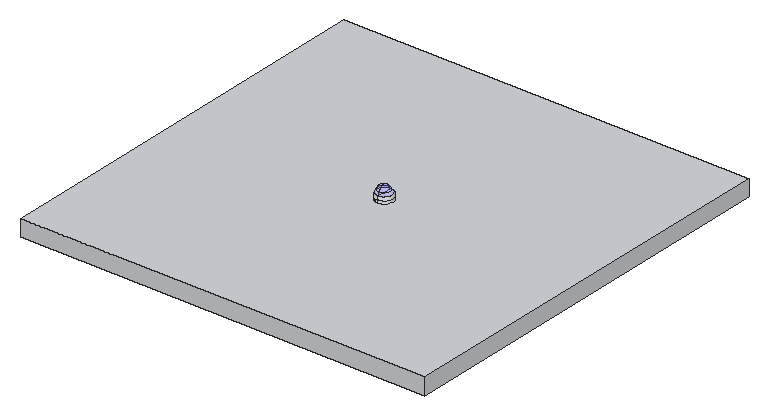
Revit family "BEG-92158", category Dispositifs d'éclairage, Revit 2015
Parameters
  Detection zone [instance] = yes
  Seat area [instance] = height position < 351 cm  # yes
  URL = "http://www.luxomat.com/en-92158"
  Type of output = "SWITCH"
  Ambiant temperature = "-25°C to +50°C"
  Ref = "92158"
  Relay = "10A"
  height position [instance] = 250 cm
  direct Range [instance] = height position * 3.2  # 800 cm
  transversal Range [instance] = height position * 9.6  # 2400 cm
  Modèle = "PD4-M-2C-Duo/SM"
  Installation type = "Ceiling"
  Brand = "LUXOMAT"
  Image du type = 92158.jpg
  IP = "54"
  Mounting height max = Installation height max  # 350 cm
  Installation height max = 350 cm
  Fabricant = "B.E.G"
  Label [instance] = yes
  Default Elevation = 0 cm
  Consumption = "0,41W"
  Commentaires du type = "Occupancy detector PD4-M-2C-Duo/SM"
  Code d'assemblage = "D5010200"
  Class = "2"
  Switching power LED = "300W"
  Switching power Cos ɸ =1 = "2300W"
  Switching power Cos ɸ =0.5 = "1150VA"
  Power voltage = "110-240 V AC"
  seated activity [instance] = height position * 2.56  # 640 cm
Reference planes (cm)
  plane 1 "Centre (avant/arrière)": y = 0
  plane 2: z = 0
  plane 3 "Centre (gauche/droite)": x = 0
Forms (cm)
  Extrusion 1, solid
    sketch origin (0, 0, 0) x (1, 0, 0) y (0, 1, 0)
      loop
        line (-121.92, 121.92) -> (-121.92, -121.92) -> (121.92, -121.92) -> (121.92, 121.92) -> (-121.92, 121.92)
    from 0 to -10
Dimensions and locks (cm)
  aligned and locked: plane 2 to Extrusion 1
  aligned and locked: level to Extrusion 1
  aligned and locked: nested 2 to plane 2
Nested families (cm)
  nested 1: "Famille1" at (0, -72.6659, 0) x (-1, 0, 0) z (0, 0, 1), reference <- "Ref", modele <- "Modèle", visible <- "Label", type "Famille1"
    with reference "92158", modele "PD4-M-2C-Duo/SM"
  nested 2: "M11" at (0, 0, 0), type "Standard"
  nested 3: "zone H" at (0, 0, 0) x (-1, 0, 0) z (0, 0, 1), visible <- "Detection zone", biais <- "transversal Range", frontal <- "direct Range", activité assise <- "seated activity", Zone assise <- "Seat area", type "zone H"
    with position 2 320 cm, position 1 960 cm, frontal 800 cm, biais 2400 cm, activité assise 640 cm, Zone assise yes
  nested 4: "Plafond 360° 2D" at (0, 0, 0), type "Plafond 360° 2D"
Connectors (cm)
  electrical at (0, 0, 0)
    settings: on nested 2, index 1, voltage 240 V, apparent load 0 VA, apparent load phase1 0 VA, apparent load phase2 0 VA, apparent load phase3 0 VA, power factor 1, load classification "Eclairage", number of poles 1, system type 31, power factor state 1, is connector primary yes, connector utility no, sub classification motor no, connector description ""
Definition of nested family "M11"
  Reference planes (cm)
    plane 1 "Centre (avant/arrière)": y = 0
    plane 2: z = 0
    plane 3 "Centre (gauche/droite)": x = 0
    plane 4: x = 0
  Forms (cm)
    Revolve 1, solid
      sketch origin (0, 0, 0) x (0, -1, 0) y (0, 0, 1)
        loop
          line (0, 0) -> (0, 3.3) -> (-4.725, 3.3) -> (-4.9, 1.3) -> (-5.05, 1.3) -> (-5.05, 0) -> (0, 0)
        axis (0, 0) -> (0, 3.3)
      angle from 0 to 360
    Revolve 2, solid
      sketch origin (0, 0, 0) x (0, -1, 0) y (0, 0, 1)
        loop
          line (-4.725, 3.3) -> (0, 3.3) -> (0, 7.6)
          arc (0, 7.6) -> (-2.3004, 6.854) -> (-3.7252, 4.9) r 3.9199
          line (-3.7252, 4.9) -> (-4.725, 3.3)
        axis (0, 3.3) -> (0, 7.6)
      angle from 0 to 360
  Lines and regions (cm)
    reference lines
      curve 1: line (0, 0, 0) -> (0, 5.05, 0)
      curve 2: line (0, 5.05, 0) -> (0, 5.05, 1.3)
      curve 3: line (0, 5.05, 1.3) -> (0, 4.9, 1.3)
      curve 4: line (0, 4.9, 1.3) -> (0, 4.725, 3.3)
      curve 5: line (0, 4.725, 3.3) -> (0, 0, 3.3)
      curve 6: line (0, 0, 3.3) -> (0, 0, 0)
      curve 7: line (0, 0, 0) -> (0, 0, 7.6)
      curve 8: line (0, 4.725, 3.3) -> (0, 0, 3.3)
      curve 9: line (0, 0, 7.6) -> (0, 0, 3.3)
      curve 10: arc (0, 0, 7.6) -> (0, 2.3004, 6.854) -> (0, 3.7252, 4.9) r 3.9199
      curve 11: line (0, 4.725, 3.3) -> (0, 3.7252, 4.9)
      curve 12: line (0, 0, 0) -> (0, 0, 7.6)
  Dimensions and locks (cm)
    aligned and locked: level to plane 2
    aligned and locked: Revolve 1 sketch curve to curve 1
    aligned and locked: Revolve 1 sketch curve to curve 2
    aligned and locked: Revolve 1 sketch curve to curve 3
    aligned and locked: Revolve 1 sketch curve to curve 4
    aligned and locked: Revolve 1 sketch curve to curve 5
    aligned and locked: Revolve 1 sketch curve to curve 6
    aligned and locked: Revolve 1 sketch curve to curve 7
    aligned and locked: Revolve 2 sketch curve to curve 8
    aligned and locked: Revolve 2 sketch curve to curve 9
    aligned and locked: Revolve 2 sketch curve to curve 10
    aligned and locked: Revolve 2 sketch curve to curve 11
    aligned and locked: Revolve 2 sketch curve to curve 12
Definition of nested family "Famille1"
  Parameters (values of type "Famille1")
    reference [instance] = ""
    modele [instance] = ""
  Reference planes (cm)
    plane 1: y = 0
    plane 2: x = 0
  Text (cm)
    label "reference\n\nmodele" at (0.0074, 0.0451, 0), shows "reference", "modele"
Definition of nested family "zone H"
  Parameters (values of type "zone H")
    position 2 [instance] = (frontal / 2) * 0.8  # 320 cm
    position 1 [instance] = (biais / 2) * 0.8  # 960 cm
    frontal [instance] = 800 cm
    biais [instance] = 2400 cm
    activité assise [instance] = 640 cm
    Zone assise [instance] = yes
  Reference planes (cm)
    plane 1 "Centre (avant/arrière)": y = 0
    plane 2: z = 0
    plane 3 "Centre (gauche/droite)": x = 0
    plane 4: x = -960
    plane 5: y = -320
  Lines and regions (cm)
    detail lines, in view "Niveau de réf.", visible <- "Zone assise"
      curve 1: circle (0, 0, 0) r 320 normal (0, 0, 1)
      curve 4: spline (-105.2767, 3.2118, 0) -> (-104.9106, 3.0586, 0) -> (-103.8375, 2.9158, 0) -> (-102.1303, 2.7932, 0) -> (-99.9055, 2.6991, 0) -> (-97.3146, 2.6399, 0) -> (-94.5343, 2.6198, 0) -> (-91.7539, 2.6399, 0) -> (-89.163, 2.6991, 0) -> (-86.9382, 2.7932, 0) -> (-85.231, 2.9158, 0) -> (-84.1579, 3.0586, 0) -> (-83.7918, 3.2118, 0) -> (-84.1579, 3.365, 0) -> (-85.231, 3.5078, 0) -> (-86.9382, 3.6305, 0) -> (-89.163, 3.7245, 0) -> (-91.7539, 3.7837, 0) -> (-94.5343, 3.8039, 0) -> (-97.3146, 3.7837, 0) -> (-99.9055, 3.7245, 0) -> (-102.1303, 3.6305, 0) -> (-103.8375, 3.5078, 0) -> (-104.9106, 3.365, 0) -> (-105.2767, 3.2118, 0)
      curve 5: line (-105.2767, 3.2118, 0) -> (-103.7271, 3.5181, 0)
      curve 6: arc (-102.6495, -16.5888, 0) -> (-107.2915, -17.186, 0) -> (-111.6311, -18.9388, 0) r 18.3388
      curve 7: arc (-111.6311, -18.9388, 0) -> (-111.6982, -19.0046, 0) -> (-111.7229, -19.0953, 0) r 0.1799
      curve 8: arc (-102.4571, -17.1805, 0) -> (-106.7473, -17.5804, 0) -> (-110.8538, -18.8852, 0) r 20.1051
      curve 9: arc (-110.8538, -18.8852, 0) -> (-111.0396, -18.979, 0) -> (-111.2122, -19.0953, 0) r 1.6679
      curve 10: circle (-111.4676, -19.8292, 0) r 0.5096 normal (0, 0, 1)
      curve 11: arc (-110.898, -19.8292, 0) -> (-111.4676, -19.2597, 0) -> (-112.0372, -19.8292, 0) r 0.5696
      curve 12: arc (-110.838, -19.8292, 0) -> (-111.4676, -19.1997, 0) -> (-112.0972, -19.8292, 0) r 0.6296
      curve 13: arc (-86.4191, -16.5888, 0) -> (-81.7771, -17.186, 0) -> (-77.4374, -18.9388, 0) r 18.3388
      curve 14: arc (-77.4374, -18.9388, 0) -> (-77.3704, -19.0046, 0) -> (-77.3456, -19.0953, 0) r 0.1799
      curve 15: arc (-86.6114, -17.1805, 0) -> (-82.3212, -17.5804, 0) -> (-78.2147, -18.8852, 0) r 20.1051
      curve 16: arc (-78.2147, -18.8852, 0) -> (-78.0289, -18.979, 0) -> (-77.8563, -19.0953, 0) r 1.6679
      curve 17: circle (-77.6009, -19.8292, 0) r 0.5096 normal (0, 0, 1)
      curve 18: arc (-77.0314, -19.8292, 0) -> (-77.6009, -19.2597, 0) -> (-78.1705, -19.8292, 0) r 0.5696
      curve 19: arc (-76.9714, -19.8292, 0) -> (-77.6009, -19.1997, 0) -> (-78.2305, -19.8292, 0) r 0.6296
      curve 20: arc (-95.2593, -16.5888, 0) -> (-98.9871, -17.441, 0) -> (-102.5056, -18.9388, 0) r 21.5424
      curve 21: arc (-102.5056, -18.9388, 0) -> (-102.5726, -19.0046, 0) -> (-102.5974, -19.0953, 0) r 0.1799
      curve 22: arc (-95.2593, -17.1805, 0) -> (-98.5536, -17.8061, 0) -> (-101.7283, -18.8852, 0) r 23.9713
      curve 23: arc (-101.7283, -18.8852, 0) -> (-101.911, -18.9772, 0) -> (-102.081, -19.0909, 0) r 1.6679
      curve 24: arc (-95.0229, -17.1805, 0) -> (-98.2689, -17.8294, 0) -> (-101.4063, -18.8852, 0) r 26.0219
      curve 25: arc (-101.4063, -18.8852, 0) -> (-101.592, -18.979, 0) -> (-101.7647, -19.0953, 0) r 1.6679
      curve 26: circle (-102.181, -19.8292, 0) r 0.5096 normal (0, 0, 1)
      curve 27: arc (-101.6114, -19.8292, 0) -> (-102.181, -19.2597, 0) -> (-102.7506, -19.8292, 0) r 0.5696
      curve 28: arc (-101.5514, -19.8292, 0) -> (-102.181, -19.1997, 0) -> (-102.8106, -19.8292, 0) r 0.6296
      curve 29: arc (-93.8092, -16.5888, 0) -> (-90.0814, -17.441, 0) -> (-86.5629, -18.9388, 0) r 21.5424
      curve 30: arc (-86.5629, -18.9388, 0) -> (-86.4959, -19.0046, 0) -> (-86.4711, -19.0953, 0) r 0.1799
      curve 31: arc (-93.8092, -17.1805, 0) -> (-90.5149, -17.8061, 0) -> (-87.3402, -18.8852, 0) r 23.9713
      curve 32: arc (-87.3402, -18.8852, 0) -> (-87.1544, -18.979, 0) -> (-86.9818, -19.0953, 0) r 1.6679
      curve 33: arc (-94.0457, -17.1805, 0) -> (-90.7996, -17.8294, 0) -> (-87.6622, -18.8852, 0) r 26.0219
      curve 34: arc (-87.6622, -18.8852, 0) -> (-87.4765, -18.979, 0) -> (-87.3039, -19.0953, 0) r 1.6679
      curve 35: circle (-86.8875, -19.8292, 0) r 0.5096 normal (0, 0, 1)
      curve 36: arc (-86.3179, -19.8292, 0) -> (-86.8875, -19.2597, 0) -> (-87.4571, -19.8292, 0) r 0.5696
      curve 37: arc (-86.2579, -19.8292, 0) -> (-86.8875, -19.1997, 0) -> (-87.5171, -19.8292, 0) r 0.6296
      curve 38: arc (-103.0079, 8.8705, 0) -> (-101.8776, 5.8173, 0) -> (-98.8653, 4.5819, 0) r 4.0512
      curve 39: arc (-83.7186, 4.2269, 0) -> (-82.9538, 3.7817, 0) -> (-82.7946, 2.9112, 0) r 1.0582
      curve 40: arc (-82.7946, 2.9112, 0) -> (-84.0889, -6.227, 0) -> (-84.0703, -15.4564, 0) r 64.7189
      curve 41: arc (-84.0703, -15.4564, 0) -> (-83.933, -16.0031, 0) -> (-83.4527, -16.2981, 0) r 0.7467
      curve 42: arc (-83.4527, -16.2981, 0) -> (-80.3714, -16.8717, 0) -> (-77.238, -16.9405, 0) r 19.3577
      curve 43: arc (-77.238, -16.9405, 0) -> (-77.6363, -16.4391, 0) -> (-78.2461, -16.244, 0) r 1.1013
      curve 44: arc (-78.2461, -16.244, 0) -> (-80.4274, -15.8096, 0) -> (-82.5587, -15.1742, 0) r 23.8747
      curve 45: arc (-82.5587, -15.1742, 0) -> (-81.6045, -6.5488, 0) -> (-80.848, 2.0961, 0) r 379.1961
      curve 46: arc (-80.848, 2.0961, 0) -> (-81.0708, 4.8418, 0) -> (-83.0581, 6.7494, 0) r 3.8846
      curve 47: arc (-83.0581, 6.7494, 0) -> (-89.2141, 8.8147, 0) -> (-95.6542, 9.6431, 0) r 33.2193
      curve 48: arc (-95.6542, 9.6431, 0) -> (-94.8516, 17.305, 0) -> (-94.8609, 25.0089, 0) r 72.9952
      curve 49: arc (-95.1116, 28.28, 0) -> (-95.2196, 29.2958, 0) -> (-95.3418, 30.31, 0) r 72.9952
      curve 50: arc (-98.1747, 30.0752, 0) -> (-100.3426, 29.2913, 0) -> (-99.4886, 27.1501, 0) r 1.6042
      curve 51: arc (-95.3418, 30.31, 0) -> (-98.7298, 32.2574, 0) -> (-102.1179, 30.31, 0) r 3.9209
      curve 52: arc (-68.8418, 20.3177, 0) -> (-68.8537, 20.2265, 0) -> (-68.9411, 20.2549, 0) r 0.0597
      curve 53: arc (-70.9776, 20.5408, 0) -> (-70.9496, 20.3832, 0) -> (-71.1082, 20.3621, 0) r 0.1108
      curve 54: spline (-98.8908, 41.6409, 0) -> (-97.9793, 41.5103, 0) -> (-97.1229, 41.0855, 0) -> (-96.38, 40.3954, 0) -> (-95.8012, 39.4871, 0) -> (-95.426, 38.4224, 0) -> (-95.2799, 37.274, 0) -> (-95.3728, 36.12, 0) -> (-95.6985, 35.0392, 0) -> (-96.2348, 34.1051, 0) -> (-96.945, 33.3815, 0) -> (-97.7809, 32.9176, 0) -> (-98.6854, 32.7451, 0) -> (-99.5969, 32.8757, 0) -> (-100.4532, 33.3005, 0) -> (-101.1961, 33.9906, 0) -> (-101.7749, 34.8989, 0) -> (-102.1502, 35.9636, 0) -> (-102.2963, 37.112, 0) -> (-102.2033, 38.266, 0) -> (-101.8776, 39.3468, 0) -> (-101.3414, 40.2809, 0) -> (-100.6311, 41.0045, 0) -> (-99.7953, 41.4684, 0) -> (-98.8908, 41.6409, 0)
      curve 55: line (-74.1608, -20.3388, 0) -> (-33.3759, -20.3388, 0)
      curve 56: line (-33.3759, -20.3388, 0) -> (-33.3759, 18.6681, 0)
      curve 57: line (-33.3759, 18.6681, 0) -> (-74.1608, 18.6681, 0)
      curve 58: line (-74.1608, 18.6681, 0) -> (-74.1608, -20.3388, 0)
      curve 59: line (-74.1608, -20.3388, 0) -> (-120.7181, -20.3388, 0)
      curve 60: line (-80.1025, 18.6681, 0) -> (-27.4342, 18.6681, 0)
      curve 61: line (-27.4342, 18.6681, 0) -> (-27.4342, 20.1345, 0)
      curve 62: line (-27.4342, 20.1345, 0) -> (-80.1025, 20.1345, 0)
      curve 63: line (-80.1025, 20.1345, 0) -> (-80.1025, 18.6681, 0)
      curve 64: line (-95.5223, 2.6198, 0) -> (-93.5462, 2.6198, 0)
      curve 65: line (-93.5462, 2.6198, 0) -> (-93.5462, -16.5888, 0)
      curve 66: line (-93.5462, -16.5888, 0) -> (-95.5223, -16.5888, 0)
      curve 67: line (-95.5223, -16.5888, 0) -> (-95.5223, 2.6198, 0)
      curve 68: line (-95.5223, -16.5888, 0) -> (-102.6495, -16.5888, 0)
      curve 69: line (-111.7229, -19.0953, 0) -> (-111.2122, -19.0953, 0)
      curve 70: line (-93.8092, -16.5888, 0) -> (-94.0457, -17.1805, 0)
      curve 71: line (-94.0457, -17.1805, 0) -> (-93.8092, -17.1805, 0)
      curve 72: line (-93.8092, -17.1805, 0) -> (-94.5343, -17.1805, 0)
      curve 73: line (-94.5343, -17.1805, 0) -> (-95.2593, -17.1805, 0)
      curve 74: line (-95.2593, -17.1805, 0) -> (-95.0229, -17.1805, 0)
      curve 75: line (-95.0229, -17.1805, 0) -> (-95.2593, -16.5888, 0)
      curve 76: line (-98.1226, -17.1805, 0) -> (-102.4571, -17.1805, 0)
      curve 77: line (-112.0372, -19.8292, 0) -> (-112.0972, -19.8292, 0)
      curve 78: line (-110.898, -19.8292, 0) -> (-110.838, -19.8292, 0)
      curve 79: line (-111.3676, -19.2076, 0) -> (-111.3676, -19.0953, 0)
      curve 80: line (-111.5676, -19.2076, 0) -> (-111.5676, -19.0953, 0)
      curve 81: line (-93.5462, -16.5888, 0) -> (-86.4191, -16.5888, 0)
      curve 82: line (-77.3456, -19.0953, 0) -> (-77.8563, -19.0953, 0)
      curve 83: line (-90.9459, -17.1805, 0) -> (-86.6114, -17.1805, 0)
      curve 84: line (-77.0314, -19.8292, 0) -> (-76.9714, -19.8292, 0)
      curve 85: line (-78.1705, -19.8292, 0) -> (-78.2305, -19.8292, 0)
      curve 86: line (-77.7009, -19.2076, 0) -> (-77.7009, -19.0953, 0)
      curve 87: line (-77.5009, -19.2076, 0) -> (-77.5009, -19.0953, 0)
      curve 88: line (-102.5974, -19.0953, 0) -> (-101.7647, -19.0953, 0)
      curve 89: line (-102.7506, -19.8292, 0) -> (-102.8106, -19.8292, 0)
      curve 90: line (-101.6114, -19.8292, 0) -> (-101.5514, -19.8292, 0)
      curve 91: line (-102.081, -19.2076, 0) -> (-102.081, -19.0909, 0)
      curve 92: line (-102.281, -19.2076, 0) -> (-102.281, -19.0953, 0)
      curve 93: line (-86.4711, -19.0953, 0) -> (-87.3039, -19.0953, 0)
      curve 94: line (-86.3179, -19.8292, 0) -> (-86.2579, -19.8292, 0)
      curve 95: line (-87.4571, -19.8292, 0) -> (-87.5171, -19.8292, 0)
      curve 96: line (-86.9875, -19.2076, 0) -> (-86.9875, -19.0953, 0)
      curve 97: line (-86.7875, -19.2076, 0) -> (-86.7875, -19.0953, 0)
      curve 98: line (-98.8653, 4.5819, 0) -> (-83.7186, 4.2269, 0)
      curve 99: line (-103.0079, 8.8705, 0) -> (-102.1179, 30.31, 0)
      curve 100: line (-98.1747, 30.0752, 0) -> (-85.3255, 22.5448, 0)
      curve 101: line (-85.3255, 22.5448, 0) -> (-74.2929, 21.667, 0)
      curve 102: line (-74.2929, 21.667, 0) -> (-71.6033, 21.7219, 0)
      curve 103: line (-71.6033, 21.7219, 0) -> (-69.7371, 21.2829, 0)
      curve 104: line (-69.7371, 21.2829, 0) -> (-68.8418, 20.3177, 0)
      curve 105: line (-68.9411, 20.2549, 0) -> (-69.7808, 21.0896, 0)
      curve 106: line (-69.7808, 21.0896, 0) -> (-71.6115, 21.2989, 0)
      curve 107: line (-71.6115, 21.2989, 0) -> (-72.0159, 21.0248, 0)
      curve 108: line (-72.0159, 21.0248, 0) -> (-70.9776, 20.5408, 0)
      curve 109: line (-71.1082, 20.3621, 0) -> (-72.6656, 20.8949, 0)
      curve 110: line (-72.6656, 20.8949, 0) -> (-74.496, 20.6558, 0)
      curve 111: line (-74.496, 20.6558, 0) -> (-86.0144, 20.9158, 0)
      curve 112: line (-86.0144, 20.9158, 0) -> (-99.4886, 27.1501, 0)
      curve 113: line (-99.8644, 32.9741, 0) -> (-99.9944, 32.0479, 0)
      curve 114: line (-97.5142, 33.0301, 0) -> (-97.3718, 32.0147, 0)
      curve 115: line (-33.3759, -20.3388, 0) -> (-21.8014, -20.3388, 0)
    detail lines, in view "Niveau de réf."
      curve 2: circle (0, 0, 0) r 400 normal (0, 0, 1)
      curve 3: circle (0, 0, 0) r 1200 normal (0, 0, 1)
      curve 116: spline (2.3068, -347.7265, 0) -> (4.0856, -347.3949, 0) -> (5.7432, -346.4226, 0) -> (7.1667, -344.876, 0) -> (8.2589, -342.8603, 0) -> (8.9455, -340.5131, 0) -> (9.1797, -337.9942, 0) -> (8.9455, -335.4753, 0) -> (8.2589, -333.1281, 0) -> (7.1667, -331.1125, 0) -> (5.7432, -329.5658, 0) -> (4.0856, -328.5936, 0) -> (2.3068, -328.262, 0) -> (0.5279, -328.5936, 0) -> (-1.1297, -329.5658, 0) -> (-2.5531, -331.1125, 0) -> (-3.6453, -333.1281, 0) -> (-4.3319, -335.4753, 0) -> (-4.5661, -337.9942, 0) -> (-4.3319, -340.5131, 0) -> (-3.6453, -342.8603, 0) -> (-2.5531, -344.876, 0) -> (-1.1297, -346.4226, 0) -> (0.5279, -347.3949, 0) -> (2.3068, -347.7265, 0)
      curve 117: line (-4.7649, -335.0929, 0) -> (0.5136, -347.9212, 0)
      curve 118: line (3.5648, -348.0775, 0) -> (9.2455, -334.5266, 0)
      curve 119: line (-0.3759, -328.4588, 0) -> (-3.0011, -330.8806, 0)
      curve 120: line (3.5053, -348.5045, 0) -> (6.62, -348.3756, 0)
      curve 121: line (1.7304, -348.3525, 0) -> (3.5053, -348.5045, 0)
      curve 122: line (-4.7649, -335.0929, 0) -> (0.5136, -347.9212, 0)
      curve 123: line (-21.1936, -335.3894, 0) -> (-24.4202, -337.3623, 0)
      curve 124: line (-21.1936, -335.3894, 0) -> (-24.4202, -337.3623, 0)
      curve 125: line (-0.3759, -328.4588, 0) -> (-3.0011, -330.8806, 0)
      curve 126: line (1.7304, -348.3525, 0) -> (6.62, -348.3756, 0)
      curve 127: line (3.5648, -348.0775, 0) -> (9.2455, -334.5266, 0)
      curve 128: line (0, -320, 0) -> (0, -289.0788, 0)
      curve 129: line (0, -289.0788, 0) -> (0, -280.7814, 0)
      curve 130: spline (-957.6932, -27.7265, 0) -> (-955.9144, -27.3949, 0) -> (-954.2568, -26.4226, 0) -> (-952.8333, -24.876, 0) -> (-951.7411, -22.8603, 0) -> (-951.0545, -20.5131, 0) -> (-950.8203, -17.9942, 0) -> (-951.0545, -15.4753, 0) -> (-951.7411, -13.1281, 0) -> (-952.8333, -11.1125, 0) -> (-954.2568, -9.5658, 0) -> (-955.9144, -8.5936, 0) -> (-957.6932, -8.262, 0) -> (-959.4721, -8.5936, 0) -> (-961.1297, -9.5658, 0) -> (-962.5531, -11.1125, 0) -> (-963.6453, -13.1281, 0) -> (-964.3319, -15.4753, 0) -> (-964.5661, -17.9942, 0) -> (-964.3319, -20.5131, 0) -> (-963.6453, -22.8603, 0) -> (-962.5531, -24.876, 0) -> (-961.1297, -26.4226, 0) -> (-959.4721, -27.3949, 0) -> (-957.6932, -27.7265, 0)
      curve 131: line (-964.7649, -15.0929, 0) -> (-959.4864, -27.9212, 0)
      curve 132: line (-956.4352, -28.0775, 0) -> (-950.7545, -14.5266, 0)
      curve 133: line (-960.3759, -8.4588, 0) -> (-963.0011, -10.8806, 0)
      curve 134: line (-956.4947, -28.5045, 0) -> (-953.38, -28.3756, 0)
      curve 135: line (-958.2696, -28.3525, 0) -> (-956.4947, -28.5045, 0)
      curve 136: line (-964.7649, -15.0929, 0) -> (-959.4864, -27.9212, 0)
      curve 137: line (-981.1936, -15.3894, 0) -> (-984.4202, -17.3623, 0)
      curve 138: line (-981.1936, -15.3894, 0) -> (-984.4202, -17.3623, 0)
      curve 139: line (-960.3759, -8.4588, 0) -> (-963.0011, -10.8806, 0)
      curve 140: line (-958.2696, -28.3525, 0) -> (-953.38, -28.3756, 0)
      curve 141: line (-956.4352, -28.0775, 0) -> (-950.7545, -14.5266, 0)
      curve 142: line (-960, 0, 0) -> (-960, 30.9212, 0)
      curve 143: line (-960, 30.9212, 0) -> (-960, 39.2186, 0)
    detail lines, in view "Niveau de réf.", visible <- "Zone assise", not visible
      curve 144: spline (925.976, -22.5654, 0) -> (926.342, -22.7186, 0) -> (927.4152, -22.8614, 0) -> (929.1224, -22.984, 0) -> (931.3472, -23.0781, 0) -> (933.938, -23.1373, 0) -> (936.7184, -23.1574, 0) -> (939.4987, -23.1373, 0) -> (942.0896, -23.0781, 0) -> (944.3144, -22.984, 0) -> (946.0216, -22.8614, 0) -> (947.0948, -22.7186, 0) -> (947.4608, -22.5654, 0) -> (947.0948, -22.4122, 0) -> (946.0216, -22.2694, 0) -> (944.3144, -22.1467, 0) -> (942.0896, -22.0527, 0) -> (939.4987, -21.9935, 0) -> (936.7184, -21.9733, 0) -> (933.938, -21.9935, 0) -> (931.3472, -22.0527, 0) -> (929.1224, -22.1467, 0) -> (927.4152, -22.2694, 0) -> (926.342, -22.4122, 0) -> (925.976, -22.5654, 0)
      curve 145: line (925.976, -22.5654, 0) -> (927.5256, -22.2591, 0)
      curve 146: arc (928.6032, -42.366, 0) -> (923.9612, -42.9632, 0) -> (919.6215, -44.716, 0) r 18.3388
      curve 147: arc (919.6215, -44.716, 0) -> (919.5545, -44.7818, 0) -> (919.5297, -44.8725, 0) r 0.1799
      curve 148: arc (928.7956, -42.9577, 0) -> (924.5053, -43.3576, 0) -> (920.3988, -44.6624, 0) r 20.1051
      curve 149: arc (920.3988, -44.6624, 0) -> (920.213, -44.7562, 0) -> (920.0404, -44.8725, 0) r 1.6679
      curve 150: circle (919.7851, -45.6065, 0) r 0.5096 normal (0, 0, 1)
      curve 151: arc (920.3547, -45.6065, 0) -> (919.7851, -45.0369, 0) -> (919.2155, -45.6065, 0) r 0.5696
      curve 152: arc (920.4147, -45.6065, 0) -> (919.7851, -44.9769, 0) -> (919.1555, -45.6065, 0) r 0.6296
      curve 153: arc (944.8336, -42.366, 0) -> (949.4756, -42.9632, 0) -> (953.8152, -44.716, 0) r 18.3388
      curve 154: arc (953.8152, -44.716, 0) -> (953.8823, -44.7818, 0) -> (953.907, -44.8725, 0) r 0.1799
      curve 155: arc (944.6412, -42.9577, 0) -> (948.9315, -43.3576, 0) -> (953.038, -44.6624, 0) r 20.1051
      curve 156: arc (953.038, -44.6624, 0) -> (953.2237, -44.7562, 0) -> (953.3964, -44.8725, 0) r 1.6679
      curve 157: circle (953.6517, -45.6065, 0) r 0.5096 normal (0, 0, 1)
      curve 158: arc (954.2213, -45.6065, 0) -> (953.6517, -45.0369, 0) -> (953.0821, -45.6065, 0) r 0.5696
      curve 159: arc (954.2813, -45.6065, 0) -> (953.6517, -44.9769, 0) -> (953.0221, -45.6065, 0) r 0.6296
      curve 160: arc (935.9933, -42.366, 0) -> (932.2655, -43.2182, 0) -> (928.7471, -44.716, 0) r 21.5424
      curve 161: arc (928.7471, -44.716, 0) -> (928.68, -44.7818, 0) -> (928.6553, -44.8725, 0) r 0.1799
      curve 162: arc (935.9933, -42.9577, 0) -> (932.6991, -43.5833, 0) -> (929.5243, -44.6624, 0) r 23.9713
      curve 163: arc (929.5243, -44.6624, 0) -> (929.3417, -44.7544, 0) -> (929.1716, -44.8681, 0) r 1.6679
      curve 164: arc (936.2298, -42.9577, 0) -> (932.9838, -43.6066, 0) -> (929.8464, -44.6624, 0) r 26.0219
      curve 165: arc (929.8464, -44.6624, 0) -> (929.6606, -44.7562, 0) -> (929.488, -44.8725, 0) r 1.6679
      curve 166: circle (929.0716, -45.6065, 0) r 0.5096 normal (0, 0, 1)
      curve 167: arc (929.6412, -45.6065, 0) -> (929.0716, -45.0369, 0) -> (928.502, -45.6065, 0) r 0.5696
      curve 168: arc (929.7012, -45.6065, 0) -> (929.0716, -44.9769, 0) -> (928.442, -45.6065, 0) r 0.6296
      curve 169: arc (937.4435, -42.366, 0) -> (941.1713, -43.2182, 0) -> (944.6897, -44.716, 0) r 21.5424
      curve 170: arc (944.6897, -44.716, 0) -> (944.7568, -44.7818, 0) -> (944.7815, -44.8725, 0) r 0.1799
      curve 171: arc (937.4435, -42.9577, 0) -> (940.7377, -43.5833, 0) -> (943.9124, -44.6624, 0) r 23.9713
      curve 172: arc (943.9124, -44.6624, 0) -> (944.0982, -44.7562, 0) -> (944.2708, -44.8725, 0) r 1.6679
      curve 173: arc (937.207, -42.9577, 0) -> (940.453, -43.6066, 0) -> (943.5904, -44.6624, 0) r 26.0219
      curve 174: arc (943.5904, -44.6624, 0) -> (943.7762, -44.7562, 0) -> (943.9488, -44.8725, 0) r 1.6679
      curve 175: circle (944.3651, -45.6065, 0) r 0.5096 normal (0, 0, 1)
      curve 176: arc (944.9347, -45.6065, 0) -> (944.3651, -45.0369, 0) -> (943.7956, -45.6065, 0) r 0.5696
      curve 177: arc (944.9947, -45.6065, 0) -> (944.3651, -44.9769, 0) -> (943.7356, -45.6065, 0) r 0.6296
      curve 178: arc (928.2447, -16.9067, 0) -> (929.3751, -19.9599, 0) -> (932.3873, -21.1953, 0) r 4.0512
      curve 179: arc (947.5341, -21.5503, 0) -> (948.2989, -21.9955, 0) -> (948.4581, -22.866, 0) r 1.0582
      curve 180: arc (948.4581, -22.866, 0) -> (947.1637, -32.0042, 0) -> (947.1824, -41.2336, 0) r 64.7189
      curve 181: arc (947.1824, -41.2336, 0) -> (947.3196, -41.7803, 0) -> (947.8, -42.0753, 0) r 0.7467
      curve 182: arc (947.8, -42.0753, 0) -> (950.8812, -42.6489, 0) -> (954.0146, -42.7177, 0) r 19.3577
      curve 183: arc (954.0146, -42.7177, 0) -> (953.6164, -42.2163, 0) -> (953.0065, -42.0212, 0) r 1.1013
      curve 184: arc (953.0065, -42.0212, 0) -> (950.8253, -41.5868, 0) -> (948.6939, -40.9514, 0) r 23.8747
      curve 185: arc (948.6939, -40.9514, 0) -> (949.6481, -32.326, 0) -> (950.4047, -23.6811, 0) r 379.1961
      curve 186: arc (950.4047, -23.6811, 0) -> (950.1819, -20.9354, 0) -> (948.1945, -19.0278, 0) r 3.8846
      curve 187: arc (948.1945, -19.0278, 0) -> (942.0386, -16.9625, 0) -> (935.5985, -16.1341, 0) r 33.2193
      curve 188: arc (935.5985, -16.1341, 0) -> (936.4011, -8.4722, 0) -> (936.3918, -0.7683, 0) r 72.9952
      curve 189: arc (936.1411, 2.5028, 0) -> (936.0331, 3.5186, 0) -> (935.9108, 4.5328, 0) r 72.9952
      curve 190: arc (933.0779, 4.298, 0) -> (930.9101, 3.5141, 0) -> (931.7641, 1.3729, 0) r 1.6042
      curve 191: arc (935.9108, 4.5328, 0) -> (932.5228, 6.4802, 0) -> (929.1348, 4.5328, 0) r 3.9209
      curve 192: arc (962.4108, -5.4595, 0) -> (962.3989, -5.5507, 0) -> (962.3115, -5.5223, 0) r 0.0597
      curve 193: arc (960.275, -5.2364, 0) -> (960.303, -5.394, 0) -> (960.1444, -5.4151, 0) r 0.1108
      curve 194: spline (932.3619, 15.8637, 0) -> (933.2734, 15.7331, 0) -> (934.1297, 15.3083, 0) -> (934.8726, 14.6182, 0) -> (935.4514, 13.7099, 0) -> (935.8267, 12.6452, 0) -> (935.9728, 11.4968, 0) -> (935.8798, 10.3428, 0) -> (935.5541, 9.262, 0) -> (935.0179, 8.3279, 0) -> (934.3076, 7.6043, 0) -> (933.4718, 7.1404, 0) -> (932.5673, 6.9679, 0) -> (931.6558, 7.0985, 0) -> (930.7994, 7.5233, 0) -> (930.0565, 8.2134, 0) -> (929.4777, 9.1217, 0) -> (929.1025, 10.1864, 0) -> (928.9564, 11.3348, 0) -> (929.0493, 12.4888, 0) -> (929.375, 13.5696, 0) -> (929.9113, 14.5037, 0) -> (930.6215, 15.2273, 0) -> (931.4574, 15.6912, 0) -> (932.3619, 15.8637, 0)
      curve 195: line (957.0918, -46.116, 0) -> (997.8768, -46.116, 0)
      curve 196: line (997.8768, -46.116, 0) -> (997.8768, -7.1091, 0)
      curve 197: line (997.8768, -7.1091, 0) -> (957.0918, -7.1091, 0)
      curve 198: line (957.0918, -7.1091, 0) -> (957.0918, -46.116, 0)
      curve 199: line (957.0918, -46.116, 0) -> (910.5345, -46.116, 0)
      curve 200: line (951.1501, -7.1091, 0) -> (1003.8185, -7.1091, 0)
      curve 201: line (1003.8185, -7.1091, 0) -> (1003.8185, -5.6427, 0)
      curve 202: line (1003.8185, -5.6427, 0) -> (951.1501, -5.6427, 0)
      curve 203: line (951.1501, -5.6427, 0) -> (951.1501, -7.1091, 0)
      curve 204: line (935.7304, -23.1574, 0) -> (937.7064, -23.1574, 0)
      curve 205: line (937.7064, -23.1574, 0) -> (937.7064, -42.366, 0)
      curve 206: line (937.7064, -42.366, 0) -> (935.7304, -42.366, 0)
      curve 207: line (935.7304, -42.366, 0) -> (935.7304, -23.1574, 0)
      curve 208: line (935.7304, -42.366, 0) -> (928.6032, -42.366, 0)
      curve 209: line (919.5297, -44.8725, 0) -> (920.0404, -44.8725, 0)
      curve 210: line (937.4435, -42.366, 0) -> (937.207, -42.9577, 0)
      curve 211: line (937.207, -42.9577, 0) -> (937.4435, -42.9577, 0)
      curve 212: line (937.4435, -42.9577, 0) -> (936.7184, -42.9577, 0)
      curve 213: line (936.7184, -42.9577, 0) -> (935.9933, -42.9577, 0)
      curve 214: line (935.9933, -42.9577, 0) -> (936.2298, -42.9577, 0)
      curve 215: line (936.2298, -42.9577, 0) -> (935.9933, -42.366, 0)
      curve 216: line (933.13, -42.9577, 0) -> (928.7956, -42.9577, 0)
      curve 217: line (919.2155, -45.6065, 0) -> (919.1555, -45.6065, 0)
      curve 218: line (920.3547, -45.6065, 0) -> (920.4147, -45.6065, 0)
      curve 219: line (919.8851, -44.9848, 0) -> (919.8851, -44.8725, 0)
      curve 220: line (919.6851, -44.9848, 0) -> (919.6851, -44.8725, 0)
      curve 221: line (937.7064, -42.366, 0) -> (944.8336, -42.366, 0)
      curve 222: line (953.907, -44.8725, 0) -> (953.3964, -44.8725, 0)
      curve 223: line (940.3068, -42.9577, 0) -> (944.6412, -42.9577, 0)
      curve 224: line (954.2213, -45.6065, 0) -> (954.2813, -45.6065, 0)
      curve 225: line (953.0821, -45.6065, 0) -> (953.0221, -45.6065, 0)
      curve 226: line (953.5517, -44.9848, 0) -> (953.5517, -44.8725, 0)
      curve 227: line (953.7517, -44.9848, 0) -> (953.7517, -44.8725, 0)
      curve 228: line (928.6553, -44.8725, 0) -> (929.488, -44.8725, 0)
      curve 229: line (928.502, -45.6065, 0) -> (928.442, -45.6065, 0)
      curve 230: line (929.6412, -45.6065, 0) -> (929.7012, -45.6065, 0)
      curve 231: line (929.1716, -44.9848, 0) -> (929.1716, -44.8681, 0)
      curve 232: line (928.9716, -44.9848, 0) -> (928.9716, -44.8725, 0)
      curve 233: line (944.7815, -44.8725, 0) -> (943.9488, -44.8725, 0)
      curve 234: line (944.9347, -45.6065, 0) -> (944.9947, -45.6065, 0)
      curve 235: line (943.7956, -45.6065, 0) -> (943.7356, -45.6065, 0)
      curve 236: line (944.2651, -44.9848, 0) -> (944.2651, -44.8725, 0)
      curve 237: line (944.4651, -44.9848, 0) -> (944.4651, -44.8725, 0)
      curve 238: line (932.3873, -21.1953, 0) -> (947.5341, -21.5503, 0)
      curve 239: line (928.2447, -16.9067, 0) -> (929.1348, 4.5328, 0)
      curve 240: line (933.0779, 4.298, 0) -> (945.9271, -3.2324, 0)
      curve 241: line (945.9271, -3.2324, 0) -> (956.9598, -4.1102, 0)
      curve 242: line (956.9598, -4.1102, 0) -> (959.6493, -4.0553, 0)
      curve 243: line (959.6493, -4.0553, 0) -> (961.5155, -4.4943, 0)
      curve 244: line (961.5155, -4.4943, 0) -> (962.4108, -5.4595, 0)
      curve 245: line (962.3115, -5.5223, 0) -> (961.4719, -4.6876, 0)
      curve 246: line (961.4719, -4.6876, 0) -> (959.6412, -4.4783, 0)
      curve 247: line (959.6412, -4.4783, 0) -> (959.2367, -4.7524, 0)
      curve 248: line (959.2367, -4.7524, 0) -> (960.275, -5.2364, 0)
      curve 249: line (960.1444, -5.4151, 0) -> (958.5871, -4.8823, 0)
      curve 250: line (958.5871, -4.8823, 0) -> (956.7566, -5.1214, 0)
      curve 251: line (956.7566, -5.1214, 0) -> (945.2383, -4.8614, 0)
      curve 252: line (945.2383, -4.8614, 0) -> (931.7641, 1.3729, 0)
      curve 253: line (931.3882, 7.1969, 0) -> (931.2583, 6.2707, 0)
      curve 254: line (933.7384, 7.2529, 0) -> (933.8809, 6.2375, 0)
      curve 255: line (997.8768, -46.116, 0) -> (1009.4512, -46.116, 0)
    detail lines, in view "Niveau de réf.", not visible
      curve 256: spline (630.3724, -48.277, 0) -> (632.1512, -47.9453, 0) -> (633.8088, -46.9731, 0) -> (635.2323, -45.4264, 0) -> (636.3245, -43.4108, 0) -> (637.0111, -41.0636, 0) -> (637.2453, -38.5447, 0) -> (637.0111, -36.0258, 0) -> (636.3245, -33.6786, 0) -> (635.2323, -31.663, 0) -> (633.8088, -30.1163, 0) -> (632.1512, -29.1441, 0) -> (630.3724, -28.8124, 0) -> (628.5935, -29.1441, 0) -> (626.9359, -30.1163, 0) -> (625.5125, -31.663, 0) -> (624.4202, -33.6786, 0) -> (623.7336, -36.0258, 0) -> (623.4995, -38.5447, 0) -> (623.7336, -41.0636, 0) -> (624.4202, -43.4108, 0) -> (625.5125, -45.4264, 0) -> (626.9359, -46.9731, 0) -> (628.5935, -47.9453, 0) -> (630.3724, -48.277, 0)
      curve 257: line (623.3007, -35.6434, 0) -> (628.5792, -48.4717, 0)
      curve 258: line (631.6303, -48.628, 0) -> (637.311, -35.0771, 0)
      curve 259: line (627.6897, -29.0093, 0) -> (625.0645, -31.4311, 0)
      curve 260: line (631.5709, -49.055, 0) -> (634.6856, -48.9261, 0)
      curve 261: line (629.7959, -48.903, 0) -> (631.5709, -49.055, 0)
      curve 262: line (623.3007, -35.6434, 0) -> (628.5792, -48.4717, 0)
      curve 263: line (606.872, -35.9399, 0) -> (603.6454, -37.9127, 0)
      curve 264: line (606.872, -35.9399, 0) -> (603.6454, -37.9127, 0)
      curve 265: line (627.6897, -29.0093, 0) -> (625.0645, -31.4311, 0)
      curve 266: line (629.7959, -48.903, 0) -> (634.6856, -48.9261, 0)
      curve 267: line (631.6303, -48.628, 0) -> (637.311, -35.0771, 0)
      curve 268: line (628.0656, -20.5505, 0) -> (628.0656, 10.3707, 0)
      curve 269: line (628.0656, 10.3707, 0) -> (628.0656, 18.6681, 0)
      curve 270: spline (1030.3724, -260.777, 0) -> (1032.1512, -260.4453, 0) -> (1033.8088, -259.4731, 0) -> (1035.2323, -257.9264, 0) -> (1036.3245, -255.9108, 0) -> (1037.0111, -253.5636, 0) -> (1037.2453, -251.0447, 0) -> (1037.0111, -248.5258, 0) -> (1036.3245, -246.1786, 0) -> (1035.2323, -244.163, 0) -> (1033.8088, -242.6163, 0) -> (1032.1512, -241.6441, 0) -> (1030.3724, -241.3124, 0) -> (1028.5935, -241.6441, 0) -> (1026.9359, -242.6163, 0) -> (1025.5125, -244.163, 0) -> (1024.4202, -246.1786, 0) -> (1023.7336, -248.5258, 0) -> (1023.4995, -251.0447, 0) -> (1023.7336, -253.5636, 0) -> (1024.4202, -255.9108, 0) -> (1025.5125, -257.9264, 0) -> (1026.9359, -259.4731, 0) -> (1028.5935, -260.4453, 0) -> (1030.3724, -260.777, 0)
      curve 271: line (1023.3007, -248.1434, 0) -> (1028.5792, -260.9717, 0)
      curve 272: line (1031.6303, -261.128, 0) -> (1037.311, -247.5771, 0)
      curve 273: line (1027.6897, -241.5093, 0) -> (1025.0645, -243.9311, 0)
      curve 274: line (1031.5709, -261.555, 0) -> (1034.6856, -261.4261, 0)
      curve 275: line (1029.7959, -261.403, 0) -> (1031.5709, -261.555, 0)
      curve 276: line (1023.3007, -248.1434, 0) -> (1028.5792, -260.9717, 0)
      curve 277: line (1006.872, -248.4399, 0) -> (1003.6454, -250.4127, 0)
      curve 278: line (1006.872, -248.4399, 0) -> (1003.6454, -250.4127, 0)
      curve 279: line (1027.6897, -241.5093, 0) -> (1025.0645, -243.9311, 0)
      curve 280: line (1029.7959, -261.403, 0) -> (1034.6856, -261.4261, 0)
      curve 281: line (1031.6303, -261.128, 0) -> (1037.311, -247.5771, 0)
      curve 282: line (1028.0656, -233.0505, 0) -> (1028.0656, -202.1293, 0)
      curve 283: line (1028.0656, -202.1293, 0) -> (1028.0656, -193.8319, 0)
  Text (cm)
    text "2" at (0.4332, -361.3743, 0), in view "Niveau de réf."
    text "1" at (-959.5668, -41.3743, 0), in view "Niveau de réf."
    text "1" at (628.4988, -61.9248, 0), in view "Niveau de réf.", not visible
    text "2" at (1028.4988, -274.4248, 0), in view "Niveau de réf.", not visible
  Dimensions and locks (cm)
    "position 1": plane 4 to plane 3 "Centre (gauche/droite)"
    "position 2": plane 5 to plane 1 "Centre (avant/arrière)"
    "activité assise": diameter of curve 1
    "biais": diameter of curve 3
    "frontal": diameter of curve 2
    aligned and locked: curve 142 to plane 1 "Centre (avant/arrière)"
    aligned and locked: curve 128 to plane 3 "Centre (gauche/droite)"
    aligned and locked: plane 4 to curve 142
    aligned and locked: plane 5 to curve 128
  Automatic sketch dimensions
    curve 1 to curve 2 = 0 cm  (x2)
    curve 1 to curve 3 = 0 cm  (x2)
    curve 2 to curve 3 = 0 cm  (x2)
    plane 1 "Centre (avant/arrière)" to curve 2 = 0 cm
    curve 2 to plane 3 "Centre (gauche/droite)" = 0 cm
Definition of nested family "Plafond 360° 2D"
  Reference planes (cm)
    plane 1: y = 0
    plane 2: x = 0
  Lines and regions (cm)
    Filled region 1, type "rouge"
      outline origin (0, 0, 0) x (1, 0, 0) y (0, 1, 0)
        loop
          circle (0, 0) r 0.0294
    detail lines
      curve 1: arc (-0.1732, 0.1, 0) -> (-0.2, 0, 0) -> (-0.1732, -0.1, 0) r 0.2
      curve 2: arc (-0.1, -0.1732, 0) -> (0, -0.2, 0) -> (0.1, -0.1732, 0) r 0.2
      curve 3: arc (0.1732, -0.1, 0) -> (0.2, 0, 0) -> (0.1732, 0.1, 0) r 0.2
      curve 4: arc (0.1, 0.1732, 0) -> (0, 0.2, 0) -> (-0.1, 0.1732, 0) r 0.2
      curve 5: arc (-0.1375, 0.0794, 0) -> (-0.1588, 0, 0) -> (-0.1375, -0.0794, 0) r 0.1588
      curve 6: arc (-0.0794, -0.1375, 0) -> (0, -0.1588, 0) -> (0.0794, -0.1375, 0) r 0.1588
      curve 7: arc (0.1375, -0.0794, 0) -> (0.1588, 0, 0) -> (0.1375, 0.0794, 0) r 0.1588
      curve 8: arc (0.0794, 0.1375, 0) -> (0, 0.1588, 0) -> (-0.0794, 0.1375, 0) r 0.1588
      curve 9: arc (-0.1019, 0.0588, 0) -> (-0.1176, 0, 0) -> (-0.1019, -0.0588, 0) r 0.1176
      curve 10: arc (-0.0588, -0.1019, 0) -> (0, -0.1176, 0) -> (0.0588, -0.1019, 0) r 0.1176
      curve 11: arc (0.1019, -0.0588, 0) -> (0.1176, 0, 0) -> (0.1019, 0.0588, 0) r 0.1176
      curve 12: arc (0.0588, 0.1019, 0) -> (0, 0.1176, 0) -> (-0.0588, 0.1019, 0) r 0.1176
      curve 13: arc (-0.0294, 0, 0) -> (0, -0.0294, 0) -> (0.0294, 0, 0) r 0.0294
      curve 14: arc (0.0294, 0, 0) -> (0, 0.0294, 0) -> (-0.0294, 0, 0) r 0.0294
